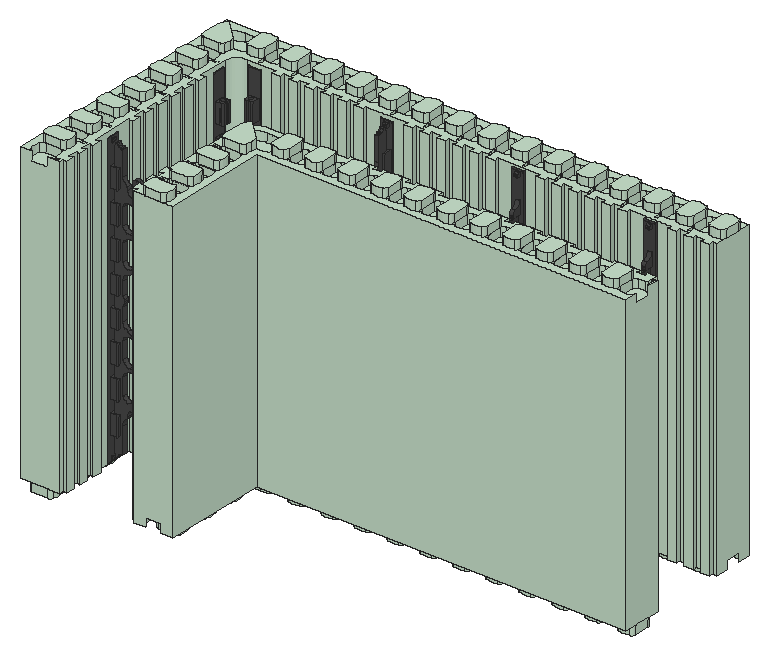
Revit family
Reference planes (in)
  plane 1 "Center (Front/Back)": y = 0
  plane 2: z = 0
  plane 3 "Center (Left/Right)": x = 0
  plane 4: y = -2
  plane 5: y = 2
  plane 6: x = 2
  plane 7: x = -2
  plane 8: z = 18
  plane 9: y = 4.625
  plane 10: x = 4.625
  plane 11: x = -4.625
  plane 12: y = -11
  plane 13: x = 27
  plane 14: y = -4.625
Forms (in)
  Extrusion 1, solid, material "NUDURA Expanded Polystyrene Foam Insulation"
    sketch origin (0, 0, 0) x (1, 0, 0) y (0, 1, 0)
      loop
        line (-4.625, 4.625) -> (-4.625, -11) -> (-2.25, -11) -> (-2.25, -10.71883) -> (-2, -10.78117) -> (-2, -10.21883) -> (-2.25, -10.28117) -> (-2.25, -9.71883) -> (-2, -9.78117) -> (-2, -9.21883) -> (-2.25, -9.28117) -> (-2.25, -8.71883) -> (-2, -8.78117) -> (-2, -8.21883) -> (-2.25, -8.28117) -> (-2.25, -5.71883) -> (-2, -5.78117) -> (-2, -5.21883) -> (-2.25, -5.28117) -> (-2.25, -4.71883) -> (-2, -4.78117) -> (-2, -4.21883) -> (-2.25, -4.28117) -> (-2.25, -3.71883) -> (-2, -3.78117) -> (-2, -3.21883) -> (-2.25, -3.28117) -> (-2.25, -2.71883) -> (-2, -2.78117) -> (-2, -2.21883) -> (-2.25, -2.28117) -> (-2.25, -1.71883) -> (-2, -1.78117) -> (-2, -1.21883) -> (-2.25, -1.28117) -> (-2.25, -0.71883) -> (-2, -0.78117) -> (-2, -0.21883) -> (-2.25, -0.28117) -> (-2.25, 1.51944)
        arc (-2.25, 1.51944) -> (-2.02357, 2.03725) -> (-1.5, 2.25) r 0.75
        line (-1.5, 2.25) -> (0.28117, 2.25) -> (0.21883, 2) -> (0.78117, 2) -> (0.71883, 2.25) -> (1.28117, 2.25) -> (1.21883, 2) -> (1.78117, 2) -> (1.71883, 2.25) -> (2.28117, 2.25) -> (2.21883, 2) -> (2.78117, 2) -> (2.71883, 2.25) -> (3.28117, 2.25) -> (3.21883, 2) -> (3.78117, 2) -> (3.71883, 2.25) -> (4.28117, 2.25) -> (4.21883, 2) -> (4.78117, 2) -> (4.71883, 2.25) -> (5.28117, 2.25) -> (5.21883, 2) -> (5.78117, 2) -> (5.71883, 2.25) -> (8.28117, 2.25) -> (8.21883, 2) -> (8.78117, 2) -> (8.71883, 2.25) -> (9.28117, 2.25) -> (9.21883, 2) -> (9.78117, 2) -> (9.71883, 2.25) -> (10.28117, 2.25) -> (10.21883, 2) -> (10.78117, 2) -> (10.71883, 2.25) -> (11.28117, 2.25) -> (11.21883, 2) -> (11.78117, 2) -> (11.71883, 2.25) -> (12.28117, 2.25) -> (12.21883, 2) -> (12.78117, 2) -> (12.71883, 2.25) -> (13.28117, 2.25) -> (13.21883, 2) -> (13.78117, 2) -> (13.71883, 2.25) -> (16.28117, 2.25) -> (16.21883, 2) -> (16.78117, 2) -> (16.71883, 2.25) -> (17.28117, 2.25) -> (17.21883, 2) -> (17.78117, 2) -> (17.71883, 2.25) -> (18.28117, 2.25) -> (18.21883, 2) -> (18.78117, 2) -> (18.71883, 2.25) -> (19.28117, 2.25) -> (19.21883, 2) -> (19.78117, 2) -> (19.71883, 2.25) -> (20.28117, 2.25) -> (20.21883, 2) -> (20.78117, 2) -> (20.71883, 2.25) -> (21.28117, 2.25) -> (21.21883, 2) -> (21.78117, 2) -> (21.71883, 2.25) -> (24.28117, 2.25) -> (24.21883, 2) -> (24.78117, 2) -> (24.71883, 2.25) -> (25.28117, 2.25) -> (25.21883, 2) -> (25.78117, 2) -> (25.71883, 2.25) -> (26.28117, 2.25) -> (26.21883, 2) -> (26.78117, 2) -> (26.71883, 2.25) -> (27, 2.25) -> (27, 4.625) -> (-4.625, 4.625)
      loop
        line (4.625, -4.625) -> (27, -4.625) -> (27, -2.25) -> (26.71883, -2.25) -> (26.78117, -2) -> (26.21883, -2) -> (26.28117, -2.25) -> (25.71883, -2.25) -> (25.78117, -2) -> (25.21883, -2) -> (25.28117, -2.25) -> (24.71883, -2.25) -> (24.78117, -2) -> (24.21883, -2) -> (24.28117, -2.25) -> (21.71883, -2.25) -> (21.78117, -2) -> (21.21883, -2) -> (21.28117, -2.25) -> (20.71883, -2.25) -> (20.78117, -2) -> (20.21883, -2) -> (20.28117, -2.25) -> (19.71883, -2.25) -> (19.78117, -2) -> (19.21883, -2) -> (19.28117, -2.25) -> (18.71883, -2.25) -> (18.78117, -2) -> (18.21883, -2) -> (18.28117, -2.25) -> (17.71883, -2.25) -> (17.78117, -2) -> (17.21883, -2) -> (17.28117, -2.25) -> (16.71883, -2.25) -> (16.78117, -2) -> (16.21883, -2) -> (16.28117, -2.25) -> (13.71883, -2.25) -> (13.78117, -2) -> (13.21883, -2) -> (13.28117, -2.25) -> (12.71883, -2.25) -> (12.78117, -2) -> (12.21883, -2) -> (12.28117, -2.25) -> (11.71883, -2.25) -> (11.78117, -2) -> (11.21883, -2) -> (11.28117, -2.25) -> (10.71883, -2.25) -> (10.78117, -2) -> (10.21883, -2) -> (10.28117, -2.25) -> (9.71883, -2.25) -> (9.78117, -2) -> (9.21883, -2) -> (9.28117, -2.25) -> (8.71883, -2.25) -> (8.78117, -2) -> (8.21883, -2) -> (8.28117, -2.25) -> (3.5, -2.25)
        arc (3.5, -2.25) -> (2.61612, -2.61612) -> (2.25, -3.5) r 1.25
        line (2.25, -3.5) -> (2.25, -8.28117) -> (2, -8.21883) -> (2, -8.78117) -> (2.25, -8.71883) -> (2.25, -9.28117) -> (2, -9.21883) -> (2, -9.78117) -> (2.25, -9.71883) -> (2.25, -10.28117) -> (2, -10.21883) -> (2, -10.78117) -> (2.25, -10.71883) -> (2.25, -11) -> (4.625, -11) -> (4.625, -4.625)
    from 0 to 18
  Extrusion 2, solid, material "NUDURA Expanded Polystyrene Foam Insulation"
    sketch origin (-1, 1, 0) x (1, 0, 0) y (0, 1, 0)
      loop
        arc (3.6875, -5.5) -> (3.70047, -5.66548) -> (3.73905, -5.82692) r 1.0625
        arc (3.73905, -5.82692) -> (3.82983, -5.95215) -> (3.97692, -6) r 0.25
        line (3.97692, -6) -> (4.89808, -6)
        arc (4.89808, -6) -> (5.04517, -5.95215) -> (5.13595, -5.82692) r 0.25
        arc (5.13595, -5.82692) -> (5.17453, -5.66548) -> (5.1875, -5.5) r 1.0625
        line (5.1875, -5.5) -> (5.1875, -5.1875) -> (3.98039, -3.98039)
        arc (3.98039, -3.98039) -> (3.76362, -4.30482) -> (3.6875, -4.6875) r 1
        line (3.6875, -4.6875) -> (3.6875, -5.5)
    from 18 to 18.5
  Extrusion 3, solid, material "NUDURA Expanded Polystyrene Foam Insulation"
    sketch origin (1, -1, 0) x (1, 0, 0) y (0, 1, 0)
      loop
        arc (-3.97692, 3) -> (-3.82983, 3.04785) -> (-3.73905, 3.17308) r 0.25
        arc (-3.73905, 3.17308) -> (-3.70047, 3.33452) -> (-3.6875, 3.5) r 1.0625
        line (-3.6875, 3.5) -> (-3.6875, 3.6875) -> (-4.89461, 4.89461)
        arc (-4.89461, 4.89461) -> (-5.11138, 4.57018) -> (-5.1875, 4.1875) r 1
        line (-5.1875, 4.1875) -> (-5.1875, 3.5)
        arc (-5.1875, 3.5) -> (-5.17453, 3.33452) -> (-5.13595, 3.17308) r 1.0625
        arc (-5.13595, 3.17308) -> (-5.04517, 3.04785) -> (-4.89808, 3) r 0.25
        line (-4.89808, 3) -> (-3.97692, 3)
    from 18 to 18.5
  Extrusion 4, void
    sketch origin (1, -1, 0) x (1, 0, 0) y (0, 1, 0)
      loop
        arc (-5.13595, -9.82692) -> (-5.04517, -9.95215) -> (-4.89808, -10) r 0.25
        line (-4.89808, -10) -> (-3.97692, -10)
        arc (-3.97692, -10) -> (-3.88568, -9.98276) -> (-3.80702, -9.9334) r 0.25
        arc (-3.80702, -9.9334) -> (-3.78736, -9.92106) -> (-3.76455, -9.91675) r 0.0625
        line (-3.76455, -9.91675) -> (-3.41845, -9.91675) -> (-3.41845, -9.74592) -> (-3.64005, -9.74592)
        arc (-3.64005, -9.74592) -> (-3.68771, -9.72385) -> (-3.70172, -9.67323) r 0.0625
        arc (-3.70172, -9.67323) -> (-3.69045, -9.42092) -> (-3.73905, -9.17308) r 1.0625
        arc (-3.73905, -9.17308) -> (-3.82983, -9.04785) -> (-3.97692, -9) r 0.25
        line (-3.97692, -9) -> (-4.89808, -9)
        arc (-4.89808, -9) -> (-5.04517, -9.04785) -> (-5.13595, -9.17308) r 0.25
        arc (-5.13595, -9.17308) -> (-5.1875, -9.5) -> (-5.13595, -9.82692) r 1.0625
    from 18 to 17.5
  Extrusion 5, void
    sketch origin (1, 1, 0) x (1, 0, 0) y (0, 1, 0)
      loop
        arc (-5.13595, -9.82692) -> (-5.04517, -9.95215) -> (-4.89808, -10) r 0.25
        line (-4.89808, -10) -> (-3.97692, -10)
        arc (-3.97692, -10) -> (-3.88568, -9.98276) -> (-3.80702, -9.9334) r 0.25
        arc (-3.80702, -9.9334) -> (-3.78736, -9.92106) -> (-3.76455, -9.91675) r 0.0625
        line (-3.76455, -9.91675) -> (-3.41845, -9.91675) -> (-3.41845, -9.74592) -> (-3.64005, -9.74592)
        arc (-3.64005, -9.74592) -> (-3.68771, -9.72385) -> (-3.70172, -9.67323) r 0.0625
        arc (-3.70172, -9.67323) -> (-3.69045, -9.42092) -> (-3.73905, -9.17308) r 1.0625
        arc (-3.73905, -9.17308) -> (-3.82983, -9.04785) -> (-3.97692, -9) r 0.25
        line (-3.97692, -9) -> (-4.89808, -9)
        arc (-4.89808, -9) -> (-5.04517, -9.04785) -> (-5.13595, -9.17308) r 0.25
        arc (-5.13595, -9.17308) -> (-5.1875, -9.5) -> (-5.13595, -9.82692) r 1.0625
    from 18 to 17.5
  Extrusion 6, void
    sketch origin (1, 3, 0) x (1, 0, 0) y (0, 1, 0)
      loop
        arc (-5.13595, -9.82692) -> (-5.04517, -9.95215) -> (-4.89808, -10) r 0.25
        line (-4.89808, -10) -> (-3.97692, -10)
        arc (-3.97692, -10) -> (-3.88568, -9.98276) -> (-3.80702, -9.9334) r 0.25
        arc (-3.80702, -9.9334) -> (-3.78736, -9.92106) -> (-3.76455, -9.91675) r 0.0625
        line (-3.76455, -9.91675) -> (-3.41845, -9.91675) -> (-3.41845, -9.74592) -> (-3.64005, -9.74592)
        arc (-3.64005, -9.74592) -> (-3.68771, -9.72385) -> (-3.70172, -9.67323) r 0.0625
        arc (-3.70172, -9.67323) -> (-3.69045, -9.42092) -> (-3.73905, -9.17308) r 1.0625
        arc (-3.73905, -9.17308) -> (-3.82983, -9.04785) -> (-3.97692, -9) r 0.25
        line (-3.97692, -9) -> (-4.89808, -9)
        arc (-4.89808, -9) -> (-5.04517, -9.04785) -> (-5.13595, -9.17308) r 0.25
        arc (-5.13595, -9.17308) -> (-5.1875, -9.5) -> (-5.13595, -9.82692) r 1.0625
    from 18 to 17.5
  Extrusion 7, void
    sketch origin (1, 5, 0) x (1, 0, 0) y (0, 1, 0)
      loop
        arc (-5.13595, -9.82692) -> (-5.04517, -9.95215) -> (-4.89808, -10) r 0.25
        line (-4.89808, -10) -> (-3.97692, -10)
        arc (-3.97692, -10) -> (-3.88568, -9.98276) -> (-3.80702, -9.9334) r 0.25
        arc (-3.80702, -9.9334) -> (-3.78736, -9.92106) -> (-3.76455, -9.91675) r 0.0625
        line (-3.76455, -9.91675) -> (-3.41845, -9.91675) -> (-3.41845, -9.74592) -> (-3.64005, -9.74592)
        arc (-3.64005, -9.74592) -> (-3.68771, -9.72385) -> (-3.70172, -9.67323) r 0.0625
        arc (-3.70172, -9.67323) -> (-3.69045, -9.42092) -> (-3.73905, -9.17308) r 1.0625
        arc (-3.73905, -9.17308) -> (-3.82983, -9.04785) -> (-3.97692, -9) r 0.25
        line (-3.97692, -9) -> (-4.89808, -9)
        arc (-4.89808, -9) -> (-5.04517, -9.04785) -> (-5.13595, -9.17308) r 0.25
        arc (-5.13595, -9.17308) -> (-5.1875, -9.5) -> (-5.13595, -9.82692) r 1.0625
    from 18 to 17.5
  Extrusion 8, void
    sketch origin (1, 7, 0) x (1, 0, 0) y (0, 1, 0)
      loop
        arc (-5.13595, -9.82692) -> (-5.04517, -9.95215) -> (-4.89808, -10) r 0.25
        line (-4.89808, -10) -> (-3.97692, -10)
        arc (-3.97692, -10) -> (-3.88568, -9.98276) -> (-3.80702, -9.9334) r 0.25
        arc (-3.80702, -9.9334) -> (-3.78736, -9.92106) -> (-3.76455, -9.91675) r 0.0625
        line (-3.76455, -9.91675) -> (-3.41845, -9.91675) -> (-3.41845, -9.74592) -> (-3.64005, -9.74592)
        arc (-3.64005, -9.74592) -> (-3.68771, -9.72385) -> (-3.70172, -9.67323) r 0.0625
        arc (-3.70172, -9.67323) -> (-3.69045, -9.42092) -> (-3.73905, -9.17308) r 1.0625
        arc (-3.73905, -9.17308) -> (-3.82983, -9.04785) -> (-3.97692, -9) r 0.25
        line (-3.97692, -9) -> (-4.89808, -9)
        arc (-4.89808, -9) -> (-5.04517, -9.04785) -> (-5.13595, -9.17308) r 0.25
        arc (-5.13595, -9.17308) -> (-5.1875, -9.5) -> (-5.13595, -9.82692) r 1.0625
    from 18 to 17.5
  Extrusion 9, void
    sketch origin (1, 9, 0) x (1, 0, 0) y (0, 1, 0)
      loop
        arc (-5.13595, -9.82692) -> (-5.04517, -9.95215) -> (-4.89808, -10) r 0.25
        line (-4.89808, -10) -> (-3.97692, -10)
        arc (-3.97692, -10) -> (-3.88568, -9.98276) -> (-3.80702, -9.9334) r 0.25
        arc (-3.80702, -9.9334) -> (-3.78736, -9.92106) -> (-3.76455, -9.91675) r 0.0625
        line (-3.76455, -9.91675) -> (-3.41845, -9.91675) -> (-3.41845, -9.74592) -> (-3.64005, -9.74592)
        arc (-3.64005, -9.74592) -> (-3.68771, -9.72385) -> (-3.70172, -9.67323) r 0.0625
        arc (-3.70172, -9.67323) -> (-3.69045, -9.42092) -> (-3.73905, -9.17308) r 1.0625
        arc (-3.73905, -9.17308) -> (-3.82983, -9.04785) -> (-3.97692, -9) r 0.25
        line (-3.97692, -9) -> (-4.89808, -9)
        arc (-4.89808, -9) -> (-5.04517, -9.04785) -> (-5.13595, -9.17308) r 0.25
        arc (-5.13595, -9.17308) -> (-5.1875, -9.5) -> (-5.13595, -9.82692) r 1.0625
    from 18 to 17.5
  Extrusion 10, void
    sketch origin (1, 11, 0) x (1, 0, 0) y (0, 1, 0)
      loop
        arc (-5.13595, -9.82692) -> (-5.04517, -9.95215) -> (-4.89808, -10) r 0.25
        line (-4.89808, -10) -> (-3.97692, -10)
        arc (-3.97692, -10) -> (-3.88568, -9.98276) -> (-3.80702, -9.9334) r 0.25
        arc (-3.80702, -9.9334) -> (-3.78736, -9.92106) -> (-3.76455, -9.91675) r 0.0625
        line (-3.76455, -9.91675) -> (-3.41845, -9.91675) -> (-3.41845, -9.74592) -> (-3.64005, -9.74592)
        arc (-3.64005, -9.74592) -> (-3.68771, -9.72385) -> (-3.70172, -9.67323) r 0.0625
        arc (-3.70172, -9.67323) -> (-3.69045, -9.42092) -> (-3.73905, -9.17308) r 1.0625
        arc (-3.73905, -9.17308) -> (-3.82983, -9.04785) -> (-3.97692, -9) r 0.25
        line (-3.97692, -9) -> (-4.89808, -9)
        arc (-4.89808, -9) -> (-5.04517, -9.04785) -> (-5.13595, -9.17308) r 0.25
        arc (-5.13595, -9.17308) -> (-5.1875, -9.5) -> (-5.13595, -9.82692) r 1.0625
    from 18 to 17.5
  Extrusion 11, void
    sketch origin (-1, 1, 0) x (1, 0, 0) y (0, 1, 0)
      loop
        line (3.97692, -9) -> (4.89808, -9)
        arc (4.89808, -9) -> (5.04517, -8.95215) -> (5.13595, -8.82692) r 0.25
        arc (5.13595, -8.82692) -> (5.1875, -8.5) -> (5.13595, -8.17308) r 1.0625
        arc (5.13595, -8.17308) -> (5.04517, -8.04785) -> (4.89808, -8) r 0.25
        line (4.89808, -8) -> (3.97692, -8)
        arc (3.97692, -8) -> (3.88568, -8.01724) -> (3.80702, -8.0666) r 0.25
        arc (3.80702, -8.0666) -> (3.78736, -8.07894) -> (3.76455, -8.08325) r 0.0625
        line (3.76455, -8.08325) -> (3.41845, -8.08325) -> (3.41845, -8.25408) -> (3.64005, -8.25408)
        arc (3.64005, -8.25408) -> (3.68771, -8.27615) -> (3.70172, -8.32677) r 0.0625
        arc (3.70172, -8.32677) -> (3.69045, -8.57908) -> (3.73905, -8.82692) r 1.0625
        arc (3.73905, -8.82692) -> (3.82983, -8.95215) -> (3.97692, -9) r 0.25
    from 18 to 17.5
  Extrusion 12, void
    sketch origin (-1, 3, 0) x (1, 0, 0) y (0, 1, 0)
      loop
        line (3.97692, -9) -> (4.89808, -9)
        arc (4.89808, -9) -> (5.04517, -8.95215) -> (5.13595, -8.82692) r 0.25
        arc (5.13595, -8.82692) -> (5.1875, -8.5) -> (5.13595, -8.17308) r 1.0625
        arc (5.13595, -8.17308) -> (5.04517, -8.04785) -> (4.89808, -8) r 0.25
        line (4.89808, -8) -> (3.97692, -8)
        arc (3.97692, -8) -> (3.88568, -8.01724) -> (3.80702, -8.0666) r 0.25
        arc (3.80702, -8.0666) -> (3.78736, -8.07894) -> (3.76455, -8.08325) r 0.0625
        line (3.76455, -8.08325) -> (3.41845, -8.08325) -> (3.41845, -8.25408) -> (3.64005, -8.25408)
        arc (3.64005, -8.25408) -> (3.68771, -8.27615) -> (3.70172, -8.32677) r 0.0625
        arc (3.70172, -8.32677) -> (3.69045, -8.57908) -> (3.73905, -8.82692) r 1.0625
        arc (3.73905, -8.82692) -> (3.82983, -8.95215) -> (3.97692, -9) r 0.25
    from 18 to 17.5
  Extrusion 13, void
    sketch origin (1, -1, 0) x (1, 0, 0) y (0, 1, 0)
      loop
        arc (-4.1875, 5.1875) -> (-4.57018, 5.11138) -> (-4.89461, 4.89461) r 1
        line (-4.89461, 4.89461) -> (-3.6875, 3.6875) -> (-3.5, 3.6875)
        arc (-3.5, 3.6875) -> (-3.33452, 3.70047) -> (-3.17308, 3.73905) r 1.0625
        arc (-3.17308, 3.73905) -> (-3.04785, 3.82983) -> (-3, 3.97692) r 0.25
        line (-3, 3.97692) -> (-3, 4.89808)
        arc (-3, 4.89808) -> (-3.04785, 5.04517) -> (-3.17308, 5.13595) r 0.25
        arc (-3.17308, 5.13595) -> (-3.33452, 5.17453) -> (-3.5, 5.1875) r 1.0625
        line (-3.5, 5.1875) -> (-4.1875, 5.1875)
    from 18 to 17.5
  Extrusion 14, void
    sketch origin (-1, 1, 0) x (1, 0, 0) y (0, 1, 0)
      loop
        arc (4.6875, -3.6875) -> (4.30482, -3.76362) -> (3.98039, -3.98039) r 1
        line (3.98039, -3.98039) -> (5.1875, -5.1875) -> (5.5, -5.1875)
        arc (5.5, -5.1875) -> (5.66548, -5.17453) -> (5.82692, -5.13595) r 1.0625
        arc (5.82692, -5.13595) -> (5.95215, -5.04517) -> (6, -4.89808) r 0.25
        line (6, -4.89808) -> (6, -3.97692)
        arc (6, -3.97692) -> (5.98276, -3.88568) -> (5.9334, -3.80702) r 0.25
        arc (5.9334, -3.80702) -> (5.92106, -3.78736) -> (5.91675, -3.76455) r 0.0625
        line (5.91675, -3.76455) -> (5.91675, -3.41845) -> (5.74592, -3.41845) -> (5.74592, -3.64005)
        arc (5.74592, -3.64005) -> (5.72385, -3.68771) -> (5.67323, -3.70172) r 0.0625
        arc (5.67323, -3.70172) -> (5.58691, -3.69106) -> (5.5, -3.6875) r 1.0625
        line (5.5, -3.6875) -> (4.6875, -3.6875)
    from 18 to 17.5
  Extrusion 15, void
    sketch origin (-1, 1, 0) x (1, 0, 0) y (0, 1, 0)
      loop
        line (7, -3.97692) -> (7, -4.89808)
        arc (7, -4.89808) -> (7.04785, -5.04517) -> (7.17308, -5.13595) r 0.25
        arc (7.17308, -5.13595) -> (7.5, -5.1875) -> (7.82692, -5.13595) r 1.0625
        arc (7.82692, -5.13595) -> (7.95215, -5.04517) -> (8, -4.89808) r 0.25
        line (8, -4.89808) -> (8, -3.97692)
        arc (8, -3.97692) -> (7.98276, -3.88568) -> (7.9334, -3.80702) r 0.25
        arc (7.9334, -3.80702) -> (7.92106, -3.78736) -> (7.91675, -3.76455) r 0.0625
        line (7.91675, -3.76455) -> (7.91675, -3.41845) -> (7.74592, -3.41845) -> (7.74592, -3.64005)
        arc (7.74592, -3.64005) -> (7.72385, -3.68771) -> (7.67323, -3.70172) r 0.0625
        arc (7.67323, -3.70172) -> (7.42092, -3.69045) -> (7.17308, -3.73905) r 1.0625
        arc (7.17308, -3.73905) -> (7.04785, -3.82983) -> (7, -3.97692) r 0.25
    from 18 to 17.5
  Extrusion 16, void
    sketch origin (1, 1, 0) x (1, 0, 0) y (0, 1, 0)
      loop
        line (7, -3.97692) -> (7, -4.89808)
        arc (7, -4.89808) -> (7.04785, -5.04517) -> (7.17308, -5.13595) r 0.25
        arc (7.17308, -5.13595) -> (7.5, -5.1875) -> (7.82692, -5.13595) r 1.0625
        arc (7.82692, -5.13595) -> (7.95215, -5.04517) -> (8, -4.89808) r 0.25
        line (8, -4.89808) -> (8, -3.97692)
        arc (8, -3.97692) -> (7.98276, -3.88568) -> (7.9334, -3.80702) r 0.25
        arc (7.9334, -3.80702) -> (7.92106, -3.78736) -> (7.91675, -3.76455) r 0.0625
        line (7.91675, -3.76455) -> (7.91675, -3.41845) -> (7.74592, -3.41845) -> (7.74592, -3.64005)
        arc (7.74592, -3.64005) -> (7.72385, -3.68771) -> (7.67323, -3.70172) r 0.0625
        arc (7.67323, -3.70172) -> (7.42092, -3.69045) -> (7.17308, -3.73905) r 1.0625
        arc (7.17308, -3.73905) -> (7.04785, -3.82983) -> (7, -3.97692) r 0.25
    from 18 to 17.5
  Extrusion 17, void
    sketch origin (3, 1, 0) x (1, 0, 0) y (0, 1, 0)
      loop
        line (7, -3.97692) -> (7, -4.89808)
        arc (7, -4.89808) -> (7.04785, -5.04517) -> (7.17308, -5.13595) r 0.25
        arc (7.17308, -5.13595) -> (7.5, -5.1875) -> (7.82692, -5.13595) r 1.0625
        arc (7.82692, -5.13595) -> (7.95215, -5.04517) -> (8, -4.89808) r 0.25
        line (8, -4.89808) -> (8, -3.97692)
        arc (8, -3.97692) -> (7.98276, -3.88568) -> (7.9334, -3.80702) r 0.25
        arc (7.9334, -3.80702) -> (7.92106, -3.78736) -> (7.91675, -3.76455) r 0.0625
        line (7.91675, -3.76455) -> (7.91675, -3.41845) -> (7.74592, -3.41845) -> (7.74592, -3.64005)
        arc (7.74592, -3.64005) -> (7.72385, -3.68771) -> (7.67323, -3.70172) r 0.0625
        arc (7.67323, -3.70172) -> (7.42092, -3.69045) -> (7.17308, -3.73905) r 1.0625
        arc (7.17308, -3.73905) -> (7.04785, -3.82983) -> (7, -3.97692) r 0.25
    from 18 to 17.5
  Extrusion 18, void
    sketch origin (5, 1, 0) x (1, 0, 0) y (0, 1, 0)
      loop
        line (7, -3.97692) -> (7, -4.89808)
        arc (7, -4.89808) -> (7.04785, -5.04517) -> (7.17308, -5.13595) r 0.25
        arc (7.17308, -5.13595) -> (7.5, -5.1875) -> (7.82692, -5.13595) r 1.0625
        arc (7.82692, -5.13595) -> (7.95215, -5.04517) -> (8, -4.89808) r 0.25
        line (8, -4.89808) -> (8, -3.97692)
        arc (8, -3.97692) -> (7.98276, -3.88568) -> (7.9334, -3.80702) r 0.25
        arc (7.9334, -3.80702) -> (7.92106, -3.78736) -> (7.91675, -3.76455) r 0.0625
        line (7.91675, -3.76455) -> (7.91675, -3.41845) -> (7.74592, -3.41845) -> (7.74592, -3.64005)
        arc (7.74592, -3.64005) -> (7.72385, -3.68771) -> (7.67323, -3.70172) r 0.0625
        arc (7.67323, -3.70172) -> (7.42092, -3.69045) -> (7.17308, -3.73905) r 1.0625
        arc (7.17308, -3.73905) -> (7.04785, -3.82983) -> (7, -3.97692) r 0.25
    from 18 to 17.5
  Extrusion 19, void
    sketch origin (7, 1, 0) x (1, 0, 0) y (0, 1, 0)
      loop
        line (7, -3.97692) -> (7, -4.89808)
        arc (7, -4.89808) -> (7.04785, -5.04517) -> (7.17308, -5.13595) r 0.25
        arc (7.17308, -5.13595) -> (7.5, -5.1875) -> (7.82692, -5.13595) r 1.0625
        arc (7.82692, -5.13595) -> (7.95215, -5.04517) -> (8, -4.89808) r 0.25
        line (8, -4.89808) -> (8, -3.97692)
        arc (8, -3.97692) -> (7.98276, -3.88568) -> (7.9334, -3.80702) r 0.25
        arc (7.9334, -3.80702) -> (7.92106, -3.78736) -> (7.91675, -3.76455) r 0.0625
        line (7.91675, -3.76455) -> (7.91675, -3.41845) -> (7.74592, -3.41845) -> (7.74592, -3.64005)
        arc (7.74592, -3.64005) -> (7.72385, -3.68771) -> (7.67323, -3.70172) r 0.0625
        arc (7.67323, -3.70172) -> (7.42092, -3.69045) -> (7.17308, -3.73905) r 1.0625
        arc (7.17308, -3.73905) -> (7.04785, -3.82983) -> (7, -3.97692) r 0.25
    from 18 to 17.5
  Extrusion 20, void
    sketch origin (9, 1, 0) x (1, 0, 0) y (0, 1, 0)
      loop
        line (7, -3.97692) -> (7, -4.89808)
        arc (7, -4.89808) -> (7.04785, -5.04517) -> (7.17308, -5.13595) r 0.25
        arc (7.17308, -5.13595) -> (7.5, -5.1875) -> (7.82692, -5.13595) r 1.0625
        arc (7.82692, -5.13595) -> (7.95215, -5.04517) -> (8, -4.89808) r 0.25
        line (8, -4.89808) -> (8, -3.97692)
        arc (8, -3.97692) -> (7.98276, -3.88568) -> (7.9334, -3.80702) r 0.25
        arc (7.9334, -3.80702) -> (7.92106, -3.78736) -> (7.91675, -3.76455) r 0.0625
        line (7.91675, -3.76455) -> (7.91675, -3.41845) -> (7.74592, -3.41845) -> (7.74592, -3.64005)
        arc (7.74592, -3.64005) -> (7.72385, -3.68771) -> (7.67323, -3.70172) r 0.0625
        arc (7.67323, -3.70172) -> (7.42092, -3.69045) -> (7.17308, -3.73905) r 1.0625
        arc (7.17308, -3.73905) -> (7.04785, -3.82983) -> (7, -3.97692) r 0.25
    from 18 to 17.5
  Extrusion 21, void
    sketch origin (11, 1, 0) x (1, 0, 0) y (0, 1, 0)
      loop
        line (7, -3.97692) -> (7, -4.89808)
        arc (7, -4.89808) -> (7.04785, -5.04517) -> (7.17308, -5.13595) r 0.25
        arc (7.17308, -5.13595) -> (7.5, -5.1875) -> (7.82692, -5.13595) r 1.0625
        arc (7.82692, -5.13595) -> (7.95215, -5.04517) -> (8, -4.89808) r 0.25
        line (8, -4.89808) -> (8, -3.97692)
        arc (8, -3.97692) -> (7.98276, -3.88568) -> (7.9334, -3.80702) r 0.25
        arc (7.9334, -3.80702) -> (7.92106, -3.78736) -> (7.91675, -3.76455) r 0.0625
        line (7.91675, -3.76455) -> (7.91675, -3.41845) -> (7.74592, -3.41845) -> (7.74592, -3.64005)
        arc (7.74592, -3.64005) -> (7.72385, -3.68771) -> (7.67323, -3.70172) r 0.0625
        arc (7.67323, -3.70172) -> (7.42092, -3.69045) -> (7.17308, -3.73905) r 1.0625
        arc (7.17308, -3.73905) -> (7.04785, -3.82983) -> (7, -3.97692) r 0.25
    from 18 to 17.5
  Extrusion 22, void
    sketch origin (13, 1, 0) x (1, 0, 0) y (0, 1, 0)
      loop
        line (7, -3.97692) -> (7, -4.89808)
        arc (7, -4.89808) -> (7.04785, -5.04517) -> (7.17308, -5.13595) r 0.25
        arc (7.17308, -5.13595) -> (7.5, -5.1875) -> (7.82692, -5.13595) r 1.0625
        arc (7.82692, -5.13595) -> (7.95215, -5.04517) -> (8, -4.89808) r 0.25
        line (8, -4.89808) -> (8, -3.97692)
        arc (8, -3.97692) -> (7.98276, -3.88568) -> (7.9334, -3.80702) r 0.25
        arc (7.9334, -3.80702) -> (7.92106, -3.78736) -> (7.91675, -3.76455) r 0.0625
        line (7.91675, -3.76455) -> (7.91675, -3.41845) -> (7.74592, -3.41845) -> (7.74592, -3.64005)
        arc (7.74592, -3.64005) -> (7.72385, -3.68771) -> (7.67323, -3.70172) r 0.0625
        arc (7.67323, -3.70172) -> (7.42092, -3.69045) -> (7.17308, -3.73905) r 1.0625
        arc (7.17308, -3.73905) -> (7.04785, -3.82983) -> (7, -3.97692) r 0.25
    from 18 to 17.5
  Extrusion 23, void
    sketch origin (15, 1, 0) x (1, 0, 0) y (0, 1, 0)
      loop
        line (7, -3.97692) -> (7, -4.89808)
        arc (7, -4.89808) -> (7.04785, -5.04517) -> (7.17308, -5.13595) r 0.25
        arc (7.17308, -5.13595) -> (7.5, -5.1875) -> (7.82692, -5.13595) r 1.0625
        arc (7.82692, -5.13595) -> (7.95215, -5.04517) -> (8, -4.89808) r 0.25
        line (8, -4.89808) -> (8, -3.97692)
        arc (8, -3.97692) -> (7.98276, -3.88568) -> (7.9334, -3.80702) r 0.25
        arc (7.9334, -3.80702) -> (7.92106, -3.78736) -> (7.91675, -3.76455) r 0.0625
        line (7.91675, -3.76455) -> (7.91675, -3.41845) -> (7.74592, -3.41845) -> (7.74592, -3.64005)
        arc (7.74592, -3.64005) -> (7.72385, -3.68771) -> (7.67323, -3.70172) r 0.0625
        arc (7.67323, -3.70172) -> (7.42092, -3.69045) -> (7.17308, -3.73905) r 1.0625
        arc (7.17308, -3.73905) -> (7.04785, -3.82983) -> (7, -3.97692) r 0.25
    from 18 to 17.5
  Extrusion 24, void
    sketch origin (17, 1, 0) x (1, 0, 0) y (0, 1, 0)
      loop
        line (7, -3.97692) -> (7, -4.89808)
        arc (7, -4.89808) -> (7.04785, -5.04517) -> (7.17308, -5.13595) r 0.25
        arc (7.17308, -5.13595) -> (7.5, -5.1875) -> (7.82692, -5.13595) r 1.0625
        arc (7.82692, -5.13595) -> (7.95215, -5.04517) -> (8, -4.89808) r 0.25
        line (8, -4.89808) -> (8, -3.97692)
        arc (8, -3.97692) -> (7.98276, -3.88568) -> (7.9334, -3.80702) r 0.25
        arc (7.9334, -3.80702) -> (7.92106, -3.78736) -> (7.91675, -3.76455) r 0.0625
        line (7.91675, -3.76455) -> (7.91675, -3.41845) -> (7.74592, -3.41845) -> (7.74592, -3.64005)
        arc (7.74592, -3.64005) -> (7.72385, -3.68771) -> (7.67323, -3.70172) r 0.0625
        arc (7.67323, -3.70172) -> (7.42092, -3.69045) -> (7.17308, -3.73905) r 1.0625
        arc (7.17308, -3.73905) -> (7.04785, -3.82983) -> (7, -3.97692) r 0.25
    from 18 to 17.5
  Extrusion 25, void
    sketch origin (1, -1, 0) x (1, 0, 0) y (0, 1, 0)
      loop
        arc (-1.82692, 5.13595) -> (-1.95215, 5.04517) -> (-2, 4.89808) r 0.25
        line (-2, 4.89808) -> (-2, 3.97692)
        arc (-2, 3.97692) -> (-1.98276, 3.88568) -> (-1.9334, 3.80702) r 0.25
        arc (-1.9334, 3.80702) -> (-1.92106, 3.78736) -> (-1.91675, 3.76455) r 0.0625
        line (-1.91675, 3.76455) -> (-1.91675, 3.41845) -> (-1.74592, 3.41845) -> (-1.74592, 3.64005)
        arc (-1.74592, 3.64005) -> (-1.72385, 3.68771) -> (-1.67323, 3.70172) r 0.0625
        arc (-1.67323, 3.70172) -> (-1.42092, 3.69045) -> (-1.17308, 3.73905) r 1.0625
        arc (-1.17308, 3.73905) -> (-1.04785, 3.82983) -> (-1, 3.97692) r 0.25
        line (-1, 3.97692) -> (-1, 4.89808)
        arc (-1, 4.89808) -> (-1.04785, 5.04517) -> (-1.17308, 5.13595) r 0.25
        arc (-1.17308, 5.13595) -> (-1.5, 5.1875) -> (-1.82692, 5.13595) r 1.0625
    from 18 to 17.5
  Extrusion 26, void
    sketch origin (3, -1, 0) x (1, 0, 0) y (0, 1, 0)
      loop
        arc (-1.82692, 5.13595) -> (-1.95215, 5.04517) -> (-2, 4.89808) r 0.25
        line (-2, 4.89808) -> (-2, 3.97692)
        arc (-2, 3.97692) -> (-1.98276, 3.88568) -> (-1.9334, 3.80702) r 0.25
        arc (-1.9334, 3.80702) -> (-1.92106, 3.78736) -> (-1.91675, 3.76455) r 0.0625
        line (-1.91675, 3.76455) -> (-1.91675, 3.41845) -> (-1.74592, 3.41845) -> (-1.74592, 3.64005)
        arc (-1.74592, 3.64005) -> (-1.72385, 3.68771) -> (-1.67323, 3.70172) r 0.0625
        arc (-1.67323, 3.70172) -> (-1.42092, 3.69045) -> (-1.17308, 3.73905) r 1.0625
        arc (-1.17308, 3.73905) -> (-1.04785, 3.82983) -> (-1, 3.97692) r 0.25
        line (-1, 3.97692) -> (-1, 4.89808)
        arc (-1, 4.89808) -> (-1.04785, 5.04517) -> (-1.17308, 5.13595) r 0.25
        arc (-1.17308, 5.13595) -> (-1.5, 5.1875) -> (-1.82692, 5.13595) r 1.0625
    from 18 to 17.5
  Extrusion 27, void
    sketch origin (5, -1, 0) x (1, 0, 0) y (0, 1, 0)
      loop
        arc (-1.82692, 5.13595) -> (-1.95215, 5.04517) -> (-2, 4.89808) r 0.25
        line (-2, 4.89808) -> (-2, 3.97692)
        arc (-2, 3.97692) -> (-1.98276, 3.88568) -> (-1.9334, 3.80702) r 0.25
        arc (-1.9334, 3.80702) -> (-1.92106, 3.78736) -> (-1.91675, 3.76455) r 0.0625
        line (-1.91675, 3.76455) -> (-1.91675, 3.41845) -> (-1.74592, 3.41845) -> (-1.74592, 3.64005)
        arc (-1.74592, 3.64005) -> (-1.72385, 3.68771) -> (-1.67323, 3.70172) r 0.0625
        arc (-1.67323, 3.70172) -> (-1.42092, 3.69045) -> (-1.17308, 3.73905) r 1.0625
        arc (-1.17308, 3.73905) -> (-1.04785, 3.82983) -> (-1, 3.97692) r 0.25
        line (-1, 3.97692) -> (-1, 4.89808)
        arc (-1, 4.89808) -> (-1.04785, 5.04517) -> (-1.17308, 5.13595) r 0.25
        arc (-1.17308, 5.13595) -> (-1.5, 5.1875) -> (-1.82692, 5.13595) r 1.0625
    from 18 to 17.5
  Extrusion 28, void
    sketch origin (7, -1, 0) x (1, 0, 0) y (0, 1, 0)
      loop
        arc (-1.82692, 5.13595) -> (-1.95215, 5.04517) -> (-2, 4.89808) r 0.25
        line (-2, 4.89808) -> (-2, 3.97692)
        arc (-2, 3.97692) -> (-1.98276, 3.88568) -> (-1.9334, 3.80702) r 0.25
        arc (-1.9334, 3.80702) -> (-1.92106, 3.78736) -> (-1.91675, 3.76455) r 0.0625
        line (-1.91675, 3.76455) -> (-1.91675, 3.41845) -> (-1.74592, 3.41845) -> (-1.74592, 3.64005)
        arc (-1.74592, 3.64005) -> (-1.72385, 3.68771) -> (-1.67323, 3.70172) r 0.0625
        arc (-1.67323, 3.70172) -> (-1.42092, 3.69045) -> (-1.17308, 3.73905) r 1.0625
        arc (-1.17308, 3.73905) -> (-1.04785, 3.82983) -> (-1, 3.97692) r 0.25
        line (-1, 3.97692) -> (-1, 4.89808)
        arc (-1, 4.89808) -> (-1.04785, 5.04517) -> (-1.17308, 5.13595) r 0.25
        arc (-1.17308, 5.13595) -> (-1.5, 5.1875) -> (-1.82692, 5.13595) r 1.0625
    from 18 to 17.5
  Extrusion 29, void
    sketch origin (9, -1, 0) x (1, 0, 0) y (0, 1, 0)
      loop
        arc (-1.82692, 5.13595) -> (-1.95215, 5.04517) -> (-2, 4.89808) r 0.25
        line (-2, 4.89808) -> (-2, 3.97692)
        arc (-2, 3.97692) -> (-1.98276, 3.88568) -> (-1.9334, 3.80702) r 0.25
        arc (-1.9334, 3.80702) -> (-1.92106, 3.78736) -> (-1.91675, 3.76455) r 0.0625
        line (-1.91675, 3.76455) -> (-1.91675, 3.41845) -> (-1.74592, 3.41845) -> (-1.74592, 3.64005)
        arc (-1.74592, 3.64005) -> (-1.72385, 3.68771) -> (-1.67323, 3.70172) r 0.0625
        arc (-1.67323, 3.70172) -> (-1.42092, 3.69045) -> (-1.17308, 3.73905) r 1.0625
        arc (-1.17308, 3.73905) -> (-1.04785, 3.82983) -> (-1, 3.97692) r 0.25
        line (-1, 3.97692) -> (-1, 4.89808)
        arc (-1, 4.89808) -> (-1.04785, 5.04517) -> (-1.17308, 5.13595) r 0.25
        arc (-1.17308, 5.13595) -> (-1.5, 5.1875) -> (-1.82692, 5.13595) r 1.0625
    from 18 to 17.5
  Extrusion 30, void
    sketch origin (11, -1, 0) x (1, 0, 0) y (0, 1, 0)
      loop
        arc (-1.82692, 5.13595) -> (-1.95215, 5.04517) -> (-2, 4.89808) r 0.25
        line (-2, 4.89808) -> (-2, 3.97692)
        arc (-2, 3.97692) -> (-1.98276, 3.88568) -> (-1.9334, 3.80702) r 0.25
        arc (-1.9334, 3.80702) -> (-1.92106, 3.78736) -> (-1.91675, 3.76455) r 0.0625
        line (-1.91675, 3.76455) -> (-1.91675, 3.41845) -> (-1.74592, 3.41845) -> (-1.74592, 3.64005)
        arc (-1.74592, 3.64005) -> (-1.72385, 3.68771) -> (-1.67323, 3.70172) r 0.0625
        arc (-1.67323, 3.70172) -> (-1.42092, 3.69045) -> (-1.17308, 3.73905) r 1.0625
        arc (-1.17308, 3.73905) -> (-1.04785, 3.82983) -> (-1, 3.97692) r 0.25
        line (-1, 3.97692) -> (-1, 4.89808)
        arc (-1, 4.89808) -> (-1.04785, 5.04517) -> (-1.17308, 5.13595) r 0.25
        arc (-1.17308, 5.13595) -> (-1.5, 5.1875) -> (-1.82692, 5.13595) r 1.0625
    from 18 to 17.5
  Extrusion 31, void
    sketch origin (13, -1, 0) x (1, 0, 0) y (0, 1, 0)
      loop
        arc (-1.82692, 5.13595) -> (-1.95215, 5.04517) -> (-2, 4.89808) r 0.25
        line (-2, 4.89808) -> (-2, 3.97692)
        arc (-2, 3.97692) -> (-1.98276, 3.88568) -> (-1.9334, 3.80702) r 0.25
        arc (-1.9334, 3.80702) -> (-1.92106, 3.78736) -> (-1.91675, 3.76455) r 0.0625
        line (-1.91675, 3.76455) -> (-1.91675, 3.41845) -> (-1.74592, 3.41845) -> (-1.74592, 3.64005)
        arc (-1.74592, 3.64005) -> (-1.72385, 3.68771) -> (-1.67323, 3.70172) r 0.0625
        arc (-1.67323, 3.70172) -> (-1.42092, 3.69045) -> (-1.17308, 3.73905) r 1.0625
        arc (-1.17308, 3.73905) -> (-1.04785, 3.82983) -> (-1, 3.97692) r 0.25
        line (-1, 3.97692) -> (-1, 4.89808)
        arc (-1, 4.89808) -> (-1.04785, 5.04517) -> (-1.17308, 5.13595) r 0.25
        arc (-1.17308, 5.13595) -> (-1.5, 5.1875) -> (-1.82692, 5.13595) r 1.0625
    from 18 to 17.5
  Extrusion 32, void
    sketch origin (15, -1, 0) x (1, 0, 0) y (0, 1, 0)
      loop
        arc (-1.82692, 5.13595) -> (-1.95215, 5.04517) -> (-2, 4.89808) r 0.25
        line (-2, 4.89808) -> (-2, 3.97692)
        arc (-2, 3.97692) -> (-1.98276, 3.88568) -> (-1.9334, 3.80702) r 0.25
        arc (-1.9334, 3.80702) -> (-1.92106, 3.78736) -> (-1.91675, 3.76455) r 0.0625
        line (-1.91675, 3.76455) -> (-1.91675, 3.41845) -> (-1.74592, 3.41845) -> (-1.74592, 3.64005)
        arc (-1.74592, 3.64005) -> (-1.72385, 3.68771) -> (-1.67323, 3.70172) r 0.0625
        arc (-1.67323, 3.70172) -> (-1.42092, 3.69045) -> (-1.17308, 3.73905) r 1.0625
        arc (-1.17308, 3.73905) -> (-1.04785, 3.82983) -> (-1, 3.97692) r 0.25
        line (-1, 3.97692) -> (-1, 4.89808)
        arc (-1, 4.89808) -> (-1.04785, 5.04517) -> (-1.17308, 5.13595) r 0.25
        arc (-1.17308, 5.13595) -> (-1.5, 5.1875) -> (-1.82692, 5.13595) r 1.0625
    from 18 to 17.5
  Extrusion 33, void
    sketch origin (17, -1, 0) x (1, 0, 0) y (0, 1, 0)
      loop
        arc (-1.82692, 5.13595) -> (-1.95215, 5.04517) -> (-2, 4.89808) r 0.25
        line (-2, 4.89808) -> (-2, 3.97692)
        arc (-2, 3.97692) -> (-1.98276, 3.88568) -> (-1.9334, 3.80702) r 0.25
        arc (-1.9334, 3.80702) -> (-1.92106, 3.78736) -> (-1.91675, 3.76455) r 0.0625
        line (-1.91675, 3.76455) -> (-1.91675, 3.41845) -> (-1.74592, 3.41845) -> (-1.74592, 3.64005)
        arc (-1.74592, 3.64005) -> (-1.72385, 3.68771) -> (-1.67323, 3.70172) r 0.0625
        arc (-1.67323, 3.70172) -> (-1.42092, 3.69045) -> (-1.17308, 3.73905) r 1.0625
        arc (-1.17308, 3.73905) -> (-1.04785, 3.82983) -> (-1, 3.97692) r 0.25
        line (-1, 3.97692) -> (-1, 4.89808)
        arc (-1, 4.89808) -> (-1.04785, 5.04517) -> (-1.17308, 5.13595) r 0.25
        arc (-1.17308, 5.13595) -> (-1.5, 5.1875) -> (-1.82692, 5.13595) r 1.0625
    from 18 to 17.5
  Extrusion 34, void
    sketch origin (19, -1, 0) x (1, 0, 0) y (0, 1, 0)
      loop
        arc (-1.82692, 5.13595) -> (-1.95215, 5.04517) -> (-2, 4.89808) r 0.25
        line (-2, 4.89808) -> (-2, 3.97692)
        arc (-2, 3.97692) -> (-1.98276, 3.88568) -> (-1.9334, 3.80702) r 0.25
        arc (-1.9334, 3.80702) -> (-1.92106, 3.78736) -> (-1.91675, 3.76455) r 0.0625
        line (-1.91675, 3.76455) -> (-1.91675, 3.41845) -> (-1.74592, 3.41845) -> (-1.74592, 3.64005)
        arc (-1.74592, 3.64005) -> (-1.72385, 3.68771) -> (-1.67323, 3.70172) r 0.0625
        arc (-1.67323, 3.70172) -> (-1.42092, 3.69045) -> (-1.17308, 3.73905) r 1.0625
        arc (-1.17308, 3.73905) -> (-1.04785, 3.82983) -> (-1, 3.97692) r 0.25
        line (-1, 3.97692) -> (-1, 4.89808)
        arc (-1, 4.89808) -> (-1.04785, 5.04517) -> (-1.17308, 5.13595) r 0.25
        arc (-1.17308, 5.13595) -> (-1.5, 5.1875) -> (-1.82692, 5.13595) r 1.0625
    from 18 to 17.5
  Extrusion 35, void
    sketch origin (21, -1, 0) x (1, 0, 0) y (0, 1, 0)
      loop
        arc (-1.82692, 5.13595) -> (-1.95215, 5.04517) -> (-2, 4.89808) r 0.25
        line (-2, 4.89808) -> (-2, 3.97692)
        arc (-2, 3.97692) -> (-1.98276, 3.88568) -> (-1.9334, 3.80702) r 0.25
        arc (-1.9334, 3.80702) -> (-1.92106, 3.78736) -> (-1.91675, 3.76455) r 0.0625
        line (-1.91675, 3.76455) -> (-1.91675, 3.41845) -> (-1.74592, 3.41845) -> (-1.74592, 3.64005)
        arc (-1.74592, 3.64005) -> (-1.72385, 3.68771) -> (-1.67323, 3.70172) r 0.0625
        arc (-1.67323, 3.70172) -> (-1.42092, 3.69045) -> (-1.17308, 3.73905) r 1.0625
        arc (-1.17308, 3.73905) -> (-1.04785, 3.82983) -> (-1, 3.97692) r 0.25
        line (-1, 3.97692) -> (-1, 4.89808)
        arc (-1, 4.89808) -> (-1.04785, 5.04517) -> (-1.17308, 5.13595) r 0.25
        arc (-1.17308, 5.13595) -> (-1.5, 5.1875) -> (-1.82692, 5.13595) r 1.0625
    from 18 to 17.5
  Extrusion 36, void
    sketch origin (23, -1, 0) x (1, 0, 0) y (0, 1, 0)
      loop
        arc (-1.82692, 5.13595) -> (-1.95215, 5.04517) -> (-2, 4.89808) r 0.25
        line (-2, 4.89808) -> (-2, 3.97692)
        arc (-2, 3.97692) -> (-1.98276, 3.88568) -> (-1.9334, 3.80702) r 0.25
        arc (-1.9334, 3.80702) -> (-1.92106, 3.78736) -> (-1.91675, 3.76455) r 0.0625
        line (-1.91675, 3.76455) -> (-1.91675, 3.41845) -> (-1.74592, 3.41845) -> (-1.74592, 3.64005)
        arc (-1.74592, 3.64005) -> (-1.72385, 3.68771) -> (-1.67323, 3.70172) r 0.0625
        arc (-1.67323, 3.70172) -> (-1.42092, 3.69045) -> (-1.17308, 3.73905) r 1.0625
        arc (-1.17308, 3.73905) -> (-1.04785, 3.82983) -> (-1, 3.97692) r 0.25
        line (-1, 3.97692) -> (-1, 4.89808)
        arc (-1, 4.89808) -> (-1.04785, 5.04517) -> (-1.17308, 5.13595) r 0.25
        arc (-1.17308, 5.13595) -> (-1.5, 5.1875) -> (-1.82692, 5.13595) r 1.0625
    from 18 to 17.5
  Extrusion 37, void
    sketch origin (25, -1, 0) x (1, 0, 0) y (0, 1, 0)
      loop
        arc (-1.82692, 5.13595) -> (-1.95215, 5.04517) -> (-2, 4.89808) r 0.25
        line (-2, 4.89808) -> (-2, 3.97692)
        arc (-2, 3.97692) -> (-1.98276, 3.88568) -> (-1.9334, 3.80702) r 0.25
        arc (-1.9334, 3.80702) -> (-1.92106, 3.78736) -> (-1.91675, 3.76455) r 0.0625
        line (-1.91675, 3.76455) -> (-1.91675, 3.41845) -> (-1.74592, 3.41845) -> (-1.74592, 3.64005)
        arc (-1.74592, 3.64005) -> (-1.72385, 3.68771) -> (-1.67323, 3.70172) r 0.0625
        arc (-1.67323, 3.70172) -> (-1.42092, 3.69045) -> (-1.17308, 3.73905) r 1.0625
        arc (-1.17308, 3.73905) -> (-1.04785, 3.82983) -> (-1, 3.97692) r 0.25
        line (-1, 3.97692) -> (-1, 4.89808)
        arc (-1, 4.89808) -> (-1.04785, 5.04517) -> (-1.17308, 5.13595) r 0.25
        arc (-1.17308, 5.13595) -> (-1.5, 5.1875) -> (-1.82692, 5.13595) r 1.0625
    from 18 to 17.5
  Extrusion 38, void
    sketch origin (27, -1, 0) x (1, 0, 0) y (0, 1, 0)
      loop
        arc (-1.82692, 5.13595) -> (-1.95215, 5.04517) -> (-2, 4.89808) r 0.25
        line (-2, 4.89808) -> (-2, 3.97692)
        arc (-2, 3.97692) -> (-1.98276, 3.88568) -> (-1.9334, 3.80702) r 0.25
        arc (-1.9334, 3.80702) -> (-1.92106, 3.78736) -> (-1.91675, 3.76455) r 0.0625
        line (-1.91675, 3.76455) -> (-1.91675, 3.41845) -> (-1.74592, 3.41845) -> (-1.74592, 3.64005)
        arc (-1.74592, 3.64005) -> (-1.72385, 3.68771) -> (-1.67323, 3.70172) r 0.0625
        arc (-1.67323, 3.70172) -> (-1.42092, 3.69045) -> (-1.17308, 3.73905) r 1.0625
        arc (-1.17308, 3.73905) -> (-1.04785, 3.82983) -> (-1, 3.97692) r 0.25
        line (-1, 3.97692) -> (-1, 4.89808)
        arc (-1, 4.89808) -> (-1.04785, 5.04517) -> (-1.17308, 5.13595) r 0.25
        arc (-1.17308, 5.13595) -> (-1.5, 5.1875) -> (-1.82692, 5.13595) r 1.0625
    from 18 to 17.5
  Extrusion 39, void
    sketch origin (1, 2.40791, 0) x (1, 0, 0) y (0, 1, 0)
      loop
        arc (-5.13595, -11.58099) -> (-5.1875, -11.90791) -> (-5.13595, -12.23483) r 1.0625
        arc (-5.13595, -12.23483) -> (-5.04517, -12.36006) -> (-4.89808, -12.40791) r 0.25
        line (-4.89808, -12.40791) -> (-3.97692, -12.40791)
        arc (-3.97692, -12.40791) -> (-3.82983, -12.36006) -> (-3.73905, -12.23483) r 0.25
        arc (-3.73905, -12.23483) -> (-3.69045, -11.98699) -> (-3.70172, -11.73468) r 1.0625
        arc (-3.70172, -11.73468) -> (-3.68771, -11.68406) -> (-3.64005, -11.66199) r 0.0625
        line (-3.64005, -11.66199) -> (-3.41845, -11.66199) -> (-3.41845, -11.49116) -> (-3.76455, -11.49116)
        arc (-3.76455, -11.49116) -> (-3.78736, -11.48685) -> (-3.80702, -11.47451) r 0.0625
        arc (-3.80702, -11.47451) -> (-3.88568, -11.42516) -> (-3.97692, -11.40791) r 0.25
        line (-3.97692, -11.40791) -> (-4.89808, -11.40791)
        arc (-4.89808, -11.40791) -> (-5.04517, -11.45576) -> (-5.13595, -11.58099) r 0.25
    from 0 to 0.5
  Extrusion 40, void
    sketch origin (1, 4.40791, 0) x (1, 0, 0) y (0, 1, 0)
      loop
        arc (-5.13595, -11.58099) -> (-5.1875, -11.90791) -> (-5.13595, -12.23483) r 1.0625
        arc (-5.13595, -12.23483) -> (-5.04517, -12.36006) -> (-4.89808, -12.40791) r 0.25
        line (-4.89808, -12.40791) -> (-3.97692, -12.40791)
        arc (-3.97692, -12.40791) -> (-3.82983, -12.36006) -> (-3.73905, -12.23483) r 0.25
        arc (-3.73905, -12.23483) -> (-3.69045, -11.98699) -> (-3.70172, -11.73468) r 1.0625
        arc (-3.70172, -11.73468) -> (-3.68771, -11.68406) -> (-3.64005, -11.66199) r 0.0625
        line (-3.64005, -11.66199) -> (-3.41845, -11.66199) -> (-3.41845, -11.49116) -> (-3.76455, -11.49116)
        arc (-3.76455, -11.49116) -> (-3.78736, -11.48685) -> (-3.80702, -11.47451) r 0.0625
        arc (-3.80702, -11.47451) -> (-3.88568, -11.42516) -> (-3.97692, -11.40791) r 0.25
        line (-3.97692, -11.40791) -> (-4.89808, -11.40791)
        arc (-4.89808, -11.40791) -> (-5.04517, -11.45576) -> (-5.13595, -11.58099) r 0.25
    from 0 to 0.5
  Extrusion 41, void
    sketch origin (1, 6.40791, 0) x (1, 0, 0) y (0, 1, 0)
      loop
        arc (-5.13595, -11.58099) -> (-5.1875, -11.90791) -> (-5.13595, -12.23483) r 1.0625
        arc (-5.13595, -12.23483) -> (-5.04517, -12.36006) -> (-4.89808, -12.40791) r 0.25
        line (-4.89808, -12.40791) -> (-3.97692, -12.40791)
        arc (-3.97692, -12.40791) -> (-3.82983, -12.36006) -> (-3.73905, -12.23483) r 0.25
        arc (-3.73905, -12.23483) -> (-3.69045, -11.98699) -> (-3.70172, -11.73468) r 1.0625
        arc (-3.70172, -11.73468) -> (-3.68771, -11.68406) -> (-3.64005, -11.66199) r 0.0625
        line (-3.64005, -11.66199) -> (-3.41845, -11.66199) -> (-3.41845, -11.49116) -> (-3.76455, -11.49116)
        arc (-3.76455, -11.49116) -> (-3.78736, -11.48685) -> (-3.80702, -11.47451) r 0.0625
        arc (-3.80702, -11.47451) -> (-3.88568, -11.42516) -> (-3.97692, -11.40791) r 0.25
        line (-3.97692, -11.40791) -> (-4.89808, -11.40791)
        arc (-4.89808, -11.40791) -> (-5.04517, -11.45576) -> (-5.13595, -11.58099) r 0.25
    from 0 to 0.5
  Extrusion 42, void
    sketch origin (1, 8.40791, 0) x (1, 0, 0) y (0, 1, 0)
      loop
        arc (-5.13595, -11.58099) -> (-5.1875, -11.90791) -> (-5.13595, -12.23483) r 1.0625
        arc (-5.13595, -12.23483) -> (-5.04517, -12.36006) -> (-4.89808, -12.40791) r 0.25
        line (-4.89808, -12.40791) -> (-3.97692, -12.40791)
        arc (-3.97692, -12.40791) -> (-3.82983, -12.36006) -> (-3.73905, -12.23483) r 0.25
        arc (-3.73905, -12.23483) -> (-3.69045, -11.98699) -> (-3.70172, -11.73468) r 1.0625
        arc (-3.70172, -11.73468) -> (-3.68771, -11.68406) -> (-3.64005, -11.66199) r 0.0625
        line (-3.64005, -11.66199) -> (-3.41845, -11.66199) -> (-3.41845, -11.49116) -> (-3.76455, -11.49116)
        arc (-3.76455, -11.49116) -> (-3.78736, -11.48685) -> (-3.80702, -11.47451) r 0.0625
        arc (-3.80702, -11.47451) -> (-3.88568, -11.42516) -> (-3.97692, -11.40791) r 0.25
        line (-3.97692, -11.40791) -> (-4.89808, -11.40791)
        arc (-4.89808, -11.40791) -> (-5.04517, -11.45576) -> (-5.13595, -11.58099) r 0.25
    from 0 to 0.5
  Extrusion 43, void
    sketch origin (1, 10.40791, 0) x (1, 0, 0) y (0, 1, 0)
      loop
        arc (-5.13595, -11.58099) -> (-5.1875, -11.90791) -> (-5.13595, -12.23483) r 1.0625
        arc (-5.13595, -12.23483) -> (-5.04517, -12.36006) -> (-4.89808, -12.40791) r 0.25
        line (-4.89808, -12.40791) -> (-3.97692, -12.40791)
        arc (-3.97692, -12.40791) -> (-3.82983, -12.36006) -> (-3.73905, -12.23483) r 0.25
        arc (-3.73905, -12.23483) -> (-3.69045, -11.98699) -> (-3.70172, -11.73468) r 1.0625
        arc (-3.70172, -11.73468) -> (-3.68771, -11.68406) -> (-3.64005, -11.66199) r 0.0625
        line (-3.64005, -11.66199) -> (-3.41845, -11.66199) -> (-3.41845, -11.49116) -> (-3.76455, -11.49116)
        arc (-3.76455, -11.49116) -> (-3.78736, -11.48685) -> (-3.80702, -11.47451) r 0.0625
        arc (-3.80702, -11.47451) -> (-3.88568, -11.42516) -> (-3.97692, -11.40791) r 0.25
        line (-3.97692, -11.40791) -> (-4.89808, -11.40791)
        arc (-4.89808, -11.40791) -> (-5.04517, -11.45576) -> (-5.13595, -11.58099) r 0.25
    from 0 to 0.5
  Extrusion 44, void
    sketch origin (1, 12.40791, 0) x (1, 0, 0) y (0, 1, 0)
      loop
        arc (-5.13595, -11.58099) -> (-5.1875, -11.90791) -> (-5.13595, -12.23483) r 1.0625
        arc (-5.13595, -12.23483) -> (-5.04517, -12.36006) -> (-4.89808, -12.40791) r 0.25
        line (-4.89808, -12.40791) -> (-3.97692, -12.40791)
        arc (-3.97692, -12.40791) -> (-3.82983, -12.36006) -> (-3.73905, -12.23483) r 0.25
        arc (-3.73905, -12.23483) -> (-3.69045, -11.98699) -> (-3.70172, -11.73468) r 1.0625
        arc (-3.70172, -11.73468) -> (-3.68771, -11.68406) -> (-3.64005, -11.66199) r 0.0625
        line (-3.64005, -11.66199) -> (-3.41845, -11.66199) -> (-3.41845, -11.49116) -> (-3.76455, -11.49116)
        arc (-3.76455, -11.49116) -> (-3.78736, -11.48685) -> (-3.80702, -11.47451) r 0.0625
        arc (-3.80702, -11.47451) -> (-3.88568, -11.42516) -> (-3.97692, -11.40791) r 0.25
        line (-3.97692, -11.40791) -> (-4.89808, -11.40791)
        arc (-4.89808, -11.40791) -> (-5.04517, -11.45576) -> (-5.13595, -11.58099) r 0.25
    from 0 to 0.5
  Extrusion 45, void
    sketch origin (-3, -1, 0) x (-1, 0, 0) y (0, -1, 0)
      loop
        arc (-1.82692, -5.13595) -> (-1.5, -5.1875) -> (-1.17308, -5.13595) r 1.0625
        arc (-1.17308, -5.13595) -> (-1.04785, -5.04517) -> (-1, -4.89808) r 0.25
        line (-1, -4.89808) -> (-1, -3.97692)
        arc (-1, -3.97692) -> (-1.04785, -3.82983) -> (-1.17308, -3.73905) r 0.25
        arc (-1.17308, -3.73905) -> (-1.42092, -3.69045) -> (-1.67323, -3.70172) r 1.0625
        arc (-1.67323, -3.70172) -> (-1.72385, -3.68771) -> (-1.74592, -3.64005) r 0.0625
        line (-1.74592, -3.64005) -> (-1.74592, -3.41845) -> (-1.91675, -3.41845) -> (-1.91675, -3.76455)
        arc (-1.91675, -3.76455) -> (-1.92106, -3.78736) -> (-1.9334, -3.80702) r 0.0625
        arc (-1.9334, -3.80702) -> (-1.98276, -3.88568) -> (-2, -3.97692) r 0.25
        line (-2, -3.97692) -> (-2, -4.89808)
        arc (-2, -4.89808) -> (-1.95215, -5.04517) -> (-1.82692, -5.13595) r 0.25
    from 0 to 0.5
  Extrusion 46, void
    sketch origin (-1, -1, 0) x (-1, 0, 0) y (0, -1, 0)
      loop
        arc (-1.82692, -5.13595) -> (-1.5, -5.1875) -> (-1.17308, -5.13595) r 1.0625
        arc (-1.17308, -5.13595) -> (-1.04785, -5.04517) -> (-1, -4.89808) r 0.25
        line (-1, -4.89808) -> (-1, -3.97692)
        arc (-1, -3.97692) -> (-1.04785, -3.82983) -> (-1.17308, -3.73905) r 0.25
        arc (-1.17308, -3.73905) -> (-1.42092, -3.69045) -> (-1.67323, -3.70172) r 1.0625
        arc (-1.67323, -3.70172) -> (-1.72385, -3.68771) -> (-1.74592, -3.64005) r 0.0625
        line (-1.74592, -3.64005) -> (-1.74592, -3.41845) -> (-1.91675, -3.41845) -> (-1.91675, -3.76455)
        arc (-1.91675, -3.76455) -> (-1.92106, -3.78736) -> (-1.9334, -3.80702) r 0.0625
        arc (-1.9334, -3.80702) -> (-1.98276, -3.88568) -> (-2, -3.97692) r 0.25
        line (-2, -3.97692) -> (-2, -4.89808)
        arc (-2, -4.89808) -> (-1.95215, -5.04517) -> (-1.82692, -5.13595) r 0.25
    from 0 to 0.5
  Extrusion 47, void
    sketch origin (1, -1, 0) x (-1, 0, 0) y (0, -1, 0)
      loop
        arc (-1.82692, -5.13595) -> (-1.5, -5.1875) -> (-1.17308, -5.13595) r 1.0625
        arc (-1.17308, -5.13595) -> (-1.04785, -5.04517) -> (-1, -4.89808) r 0.25
        line (-1, -4.89808) -> (-1, -3.97692)
        arc (-1, -3.97692) -> (-1.04785, -3.82983) -> (-1.17308, -3.73905) r 0.25
        arc (-1.17308, -3.73905) -> (-1.42092, -3.69045) -> (-1.67323, -3.70172) r 1.0625
        arc (-1.67323, -3.70172) -> (-1.72385, -3.68771) -> (-1.74592, -3.64005) r 0.0625
        line (-1.74592, -3.64005) -> (-1.74592, -3.41845) -> (-1.91675, -3.41845) -> (-1.91675, -3.76455)
        arc (-1.91675, -3.76455) -> (-1.92106, -3.78736) -> (-1.9334, -3.80702) r 0.0625
        arc (-1.9334, -3.80702) -> (-1.98276, -3.88568) -> (-2, -3.97692) r 0.25
        line (-2, -3.97692) -> (-2, -4.89808)
        arc (-2, -4.89808) -> (-1.95215, -5.04517) -> (-1.82692, -5.13595) r 0.25
    from 0 to 0.5
  Extrusion 48, void
    sketch origin (3, -1, 0) x (-1, 0, 0) y (0, -1, 0)
      loop
        arc (-1.82692, -5.13595) -> (-1.5, -5.1875) -> (-1.17308, -5.13595) r 1.0625
        arc (-1.17308, -5.13595) -> (-1.04785, -5.04517) -> (-1, -4.89808) r 0.25
        line (-1, -4.89808) -> (-1, -3.97692)
        arc (-1, -3.97692) -> (-1.04785, -3.82983) -> (-1.17308, -3.73905) r 0.25
        arc (-1.17308, -3.73905) -> (-1.42092, -3.69045) -> (-1.67323, -3.70172) r 1.0625
        arc (-1.67323, -3.70172) -> (-1.72385, -3.68771) -> (-1.74592, -3.64005) r 0.0625
        line (-1.74592, -3.64005) -> (-1.74592, -3.41845) -> (-1.91675, -3.41845) -> (-1.91675, -3.76455)
        arc (-1.91675, -3.76455) -> (-1.92106, -3.78736) -> (-1.9334, -3.80702) r 0.0625
        arc (-1.9334, -3.80702) -> (-1.98276, -3.88568) -> (-2, -3.97692) r 0.25
        line (-2, -3.97692) -> (-2, -4.89808)
        arc (-2, -4.89808) -> (-1.95215, -5.04517) -> (-1.82692, -5.13595) r 0.25
    from 0 to 0.5
  Extrusion 49, void
    sketch origin (5, -1, 0) x (-1, 0, 0) y (0, -1, 0)
      loop
        arc (-1.82692, -5.13595) -> (-1.5, -5.1875) -> (-1.17308, -5.13595) r 1.0625
        arc (-1.17308, -5.13595) -> (-1.04785, -5.04517) -> (-1, -4.89808) r 0.25
        line (-1, -4.89808) -> (-1, -3.97692)
        arc (-1, -3.97692) -> (-1.04785, -3.82983) -> (-1.17308, -3.73905) r 0.25
        arc (-1.17308, -3.73905) -> (-1.42092, -3.69045) -> (-1.67323, -3.70172) r 1.0625
        arc (-1.67323, -3.70172) -> (-1.72385, -3.68771) -> (-1.74592, -3.64005) r 0.0625
        line (-1.74592, -3.64005) -> (-1.74592, -3.41845) -> (-1.91675, -3.41845) -> (-1.91675, -3.76455)
        arc (-1.91675, -3.76455) -> (-1.92106, -3.78736) -> (-1.9334, -3.80702) r 0.0625
        arc (-1.9334, -3.80702) -> (-1.98276, -3.88568) -> (-2, -3.97692) r 0.25
        line (-2, -3.97692) -> (-2, -4.89808)
        arc (-2, -4.89808) -> (-1.95215, -5.04517) -> (-1.82692, -5.13595) r 0.25
    from 0 to 0.5
  Extrusion 50, void
    sketch origin (7, -1, 0) x (-1, 0, 0) y (0, -1, 0)
      loop
        arc (-1.82692, -5.13595) -> (-1.5, -5.1875) -> (-1.17308, -5.13595) r 1.0625
        arc (-1.17308, -5.13595) -> (-1.04785, -5.04517) -> (-1, -4.89808) r 0.25
        line (-1, -4.89808) -> (-1, -3.97692)
        arc (-1, -3.97692) -> (-1.04785, -3.82983) -> (-1.17308, -3.73905) r 0.25
        arc (-1.17308, -3.73905) -> (-1.42092, -3.69045) -> (-1.67323, -3.70172) r 1.0625
        arc (-1.67323, -3.70172) -> (-1.72385, -3.68771) -> (-1.74592, -3.64005) r 0.0625
        line (-1.74592, -3.64005) -> (-1.74592, -3.41845) -> (-1.91675, -3.41845) -> (-1.91675, -3.76455)
        arc (-1.91675, -3.76455) -> (-1.92106, -3.78736) -> (-1.9334, -3.80702) r 0.0625
        arc (-1.9334, -3.80702) -> (-1.98276, -3.88568) -> (-2, -3.97692) r 0.25
